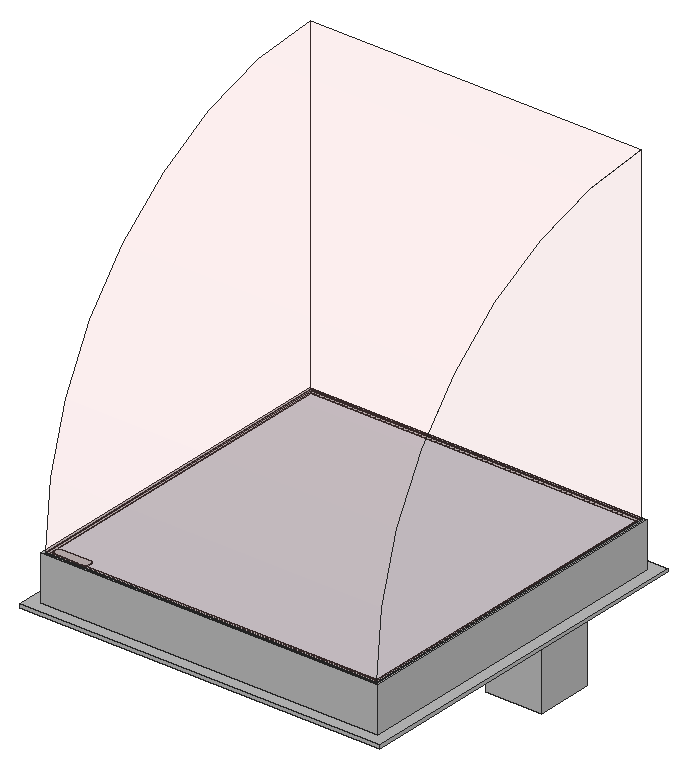
Revit family "Door_Access_Floor_Acudor_FT-8050-Tile", category Generic Models, host Face, Revit 2026
Family settings
  Host = Face
  Can host rebar = No
  Round Connector Dimension = Use Diameter
  Part Type = Normal
  Cut with Voids When Loaded = No
  Maintain Annotation Orientation = No
  Shared = No
  Room Calculation Point = No
Parameters
  halfswing = (Door Width / 2)  # 1' - 2 3/4"
  Warranty Duration (Years) = 0
  Unit Width = 2' - 0"
  Unit Weight = 0
  Unit Height = 2' - 0"
  Unit Depth = if(Unit Width < 4' 0", 0' 4 1/4", 0' 5")  # 0' - 4 1/4"
  URL = "http://www.acudor.com/"
  Test Data = ""
  Swing Clearance Visible [instance] = yes
  Standards Conformance = "as Specified"
  Specification = ""
  SpecWizard = ""
  SingleSwing [instance] = and(Single Leaf, Swing Clearance Visible)  # yes
  Single Leaf = Unit Width < 4' 0"  # yes
  Send Message = ""
  Sales Information = "http://www.acudor.com/contactus"
  Revision = "R1_2017-03"
  Product Properties = ""
  Product Data = "http://www.arcat.com/arcatcos/cos30/arc30126.html"
  Overall Width = 2' - 8"
  Overall Height = 2' - 8"
  Opening Width = Unit Width  # 2' - 0"
  Opening Height = Unit Height  # 2' - 0"
  Opening Depth [instance] = 1' - 0"
  Model = "As Specified"
  Manufacturer Website = "http://www.acudor.com/"
  Manufacturer Phone - Toll Free = "800-722-0501"
  Manufacturer Phone = "973-575-5120"
  Manufacturer Fax = "973-575-5160"
  Manufacturer Address = "80 Little Falls Rd.  Fairfield, NJ 07004"
  Manufacturer = "Acudor Products Inc"
  Maintenance Schedule (Months) = 0
  Keynote = ""
  Installation-Fabrication = ""
  Installation Phase = ""
  Green Building-LEED = "http://www.arcat.com/green/clients/leed_data_30126.html"
  Floor Material [instance] = none
  Fixture Finish [instance] = Metal - Acudor - Aluminum
  Expected Lifespan (Years) = 0
  Drawn By = "Sumex Design, Inc. / Robert S. Weygant, CSI, CDT, SCIP"
  DoubleSwing [instance] = and(Double Leaf, Swing Clearance Visible)  # no
  Double Leaf = not(Single Leaf)  # no
  Door Width = Overall Width - (0' 1 1/4" * 2)  # 2' - 5 1/2"
  Door Height = Overall Height - (0' 1 1/4" * 2)  # 2' - 5 1/2"
  Description = "Acudor Product as Specified"
  Default Elevation = 0' - 0"  # constant formula
  Copyright = "©Arcat Inc."
  Construction Details = ""
  Clearance Material [instance] = ARCAT Clearance
  Clear Opening Width = 1' - 8"
  Clear Opening Height = 2' - 0"
  Capacity = "as Specified"
  Available Options [instance] = "as Specified"
  Assembly Code = ""
Reference planes (in)
  plane 1 "Center (Front/Back)": y = 1.28343
  plane 2: z = 0
  plane 3 "Center (Left/Right)": x = 0
  plane 4: y = 13.28343
  plane 5: y = -10.71657
  plane 6: x = -12
  plane 7: x = 12
  plane 8: z = 0
  plane 9: y = 17.28343
  plane 10: y = -14.71657
  plane 11: x = -16
  plane 12: x = 16
  plane 13: z = -4.25
  plane 14: x = -12
  plane 15: x = 12
  plane 16: y = 13.28343
  plane 17: y = -10.71657
  plane 18: z = -12
  plane 19: y = -13.46657
  plane 20: y = 16.03343
  plane 21: x = -14.75
  plane 22: x = 14.75
Forms (in)
  Extrusion 1, void
    sketch origin (0, 0, 0) x (1, 0, 0) y (0, 1, 0)
      loop
        line (-12, 13.28343) -> (-12, -10.71657) -> (12, -10.71657) -> (12, 13.28343) -> (-12, 13.28343)
    from -12 to 0
  Sweep 2, solid, material "Metal - Acudor - Aluminum" <- "Fixture Finish"
    path origin (0, 0, 0) x (1, 0, 0) y (0, 1, 0)
      loop
        line (-16, 17.28343) -> (-16, -14.71657) -> (16, -14.71657) -> (16, 17.28343) -> (-16, 17.28343)
    profile origin (0, 17.28343, 0) x (0, 1, 0) y (0, 0, 1)
      loop
        line (-4, -1) -> (-4, -4.25) -> (0, -4.25) -> (0, -4) -> (-1, -4) -> (-1, 0) -> (-1.25, 0) -> (-1.25, -4) -> (-3.75, -4) -> (-3.75, -1) -> (-4, -1)
  Extrusion 3, solid, material "Metal - Acudor - Aluminum" <- "Fixture Finish", visible <- "Single Leaf"
    sketch origin (0, 0, 0) x (1, 0, 0) y (0, 1, 0)
      loop
        line (-14.75, 16.03343) -> (-14.75, -13.46657) -> (14.75, -13.46657) -> (14.75, 16.03343) -> (-14.75, 16.03343)
      loop
        line (14.5, 15.78343) -> (-14.5, 15.78343) -> (-14.5, -13.21657) -> (14.5, -13.21657) -> (14.5, 15.78343)
    from 0 to -0.25
  Extrusion 4, solid, material "Metal - Acudor - Aluminum" <- "Fixture Finish", visible <- "Single Leaf"
    sketch origin (0, 0, 0) x (1, 0, 0) y (0, 1, 0)
      loop
        line (-14.5, 15.78343) -> (-14.5, -13.21657) -> (14.5, -13.21657) -> (14.5, 15.78343) -> (-14.5, 15.78343)
    from -1 to -0.25
  Extrusion 5, solid, material "Metal - Acudor - Aluminum" <- "Fixture Finish", visible <- "Double Leaf"
    sketch origin (0, 0, 0) x (1, 0, 0) y (0, 1, 0)
      loop
        line (-14.75, 16.03343) -> (-14.75, -13.46657) -> (0, -13.46657) -> (0, 16.03343) -> (-14.75, 16.03343)
      loop
        line (-14.5, -13.21657) -> (-0.25, -13.21657) -> (-0.25, 15.78343) -> (-14.5, 15.78343) -> (-14.5, -13.21657)
    from 0 to -0.25
  Extrusion 6, solid, material "Metal - Acudor - Aluminum" <- "Fixture Finish", visible <- "Double Leaf"
    sketch origin (0, 0, 0) x (-1, 0, 0) y (0, -1, 0)
      loop
        line (-14.75, -16.03343) -> (0, -16.03343) -> (0, 13.46657) -> (-14.75, 13.46657) -> (-14.75, -16.03343)
      loop
        line (-14.5, 13.21657) -> (-14.5, -15.78343) -> (-0.25, -15.78343) -> (-0.25, 13.21657) -> (-14.5, 13.21657)
    from 0 to -0.25
  Extrusion 7, solid, material "Metal - Acudor - Aluminum" <- "Fixture Finish", visible <- "Double Leaf"
    sketch origin (0, 0, 0) x (1, 0, 0) y (0, 1, 0)
      loop
        line (-14.5, 15.78343) -> (-14.5, -13.21657) -> (0, -13.21657) -> (0, 15.78343) -> (-14.5, 15.78343)
    from -1 to -0.25
  Extrusion 8, solid, material "Metal - Acudor - Aluminum" <- "Fixture Finish", visible <- "Double Leaf"
    sketch origin (0, 0, 0) x (-1, 0, 0) y (0, -1, 0)
      loop
        line (-14.5, -15.78343) -> (0, -15.78343) -> (0, 13.21657) -> (-14.5, 13.21657) -> (-14.5, -15.78343)
    from -1 to -0.25
  Extrusion 9, solid, material "ARCAT Clearance" <- "Clearance Material", visible <- "DoubleSwing"
    sketch origin (0, 1.28343, 0) x (1, 0, 0) y (0, 0, 1)
      loop
        line (-14.75, 0) -> (0, 0)
        arc (0, 0) -> (-4.32017, 10.42983) -> (-14.75, 14.75) r 14.75
        line (-14.75, 14.75) -> (-14.75, 0)
    from -14.75 to 14.75
  Extrusion 10, solid, material "ARCAT Clearance" <- "Clearance Material", visible <- "DoubleSwing"
    sketch origin (0, 1.28343, 0) x (-1, 0, 0) y (0, 0, -1)
      loop
        arc (-14.75, -14.75) -> (-4.32017, -10.42983) -> (0, 0) r 14.75
        line (0, 0) -> (-14.75, 0) -> (-14.75, -14.75)
    from -14.75 to 14.75
  Sweep 11, void
    path origin (0, 0, 0) x (1, 0, 0) y (0, 1, 0)
      loop
        line (-16, 17.28343) -> (-16, -14.71657) -> (16, -14.71657) -> (16, 17.28343) -> (-16, 17.28343)
    profile origin (0, 17.28343, 0) x (0, 1, 0) y (0, 0, 1)
      loop
        line (0, -4.25) -> (0, -4) -> (-1, -4) -> (-1, 0) -> (-4, 0) -> (-4, -4.25) -> (0, -4.25)
  Extrusion 12, solid, material "Metal - Acudor - Aluminum" <- "Fixture Finish", visible <- "Single Leaf"
    sketch origin (0, 0, 0) x (1, 0, 0) y (0, 1, 0)
      loop
        arc (-14.11848, -12.45158) -> (-14.29526, -12.5248) -> (-14.36848, -12.70158) r 0.25
        line (-14.36848, -12.70158) -> (-14.36848, -12.96657)
        arc (-14.36848, -12.96657) -> (-14.29526, -13.14335) -> (-14.11848, -13.21657) r 0.25
        line (-14.11848, -13.21657) -> (-11.55598, -13.21657)
        arc (-11.55598, -13.21657) -> (-11.37921, -13.14335) -> (-11.30598, -12.96657) r 0.25
        line (-11.30598, -12.96657) -> (-11.30598, -12.70158)
        arc (-11.30598, -12.70158) -> (-11.37921, -12.5248) -> (-11.55598, -12.45158) r 0.25
        line (-11.55598, -12.45158) -> (-14.11848, -12.45158)
    from 0 to -0.25
  Extrusion 13, solid, material "Metal - Acudor - Aluminum" <- "Fixture Finish", visible <- "Single Leaf"
    sketch origin (0, 0, 0) x (1, 0, 0) y (0, 1, 0)
      loop
        line (-12, 13.28343) -> (-12, 8.28343) -> (-7, 8.28343) -> (-7, 13.28343) -> (-12, 13.28343)
      loop
        line (12, 13.28343) -> (7, 13.28343) -> (7, 8.28343) -> (12, 8.28343) -> (12, 13.28343)
    from -4.25 to -13
  Extrusion 14, solid, material "Metal - Acudor - Aluminum" <- "Fixture Finish", visible <- "Double Leaf"
    sketch origin (16.86525, 0.55839, 0) x (1, 0, 0) y (0, 1, 0)
      loop
        arc (-14.11848, -12.45158) -> (-14.29526, -12.5248) -> (-14.36848, -12.70158) r 0.25
        line (-14.36848, -12.70158) -> (-14.36848, -12.96657)
        arc (-14.36848, -12.96657) -> (-14.29526, -13.14335) -> (-14.11848, -13.21657) r 0.25
        line (-14.11848, -13.21657) -> (-11.55598, -13.21657)
        arc (-11.55598, -13.21657) -> (-11.37921, -13.14335) -> (-11.30598, -12.96657) r 0.25
        line (-11.30598, -12.96657) -> (-11.30598, -12.70158)
        arc (-11.30598, -12.70158) -> (-11.37921, -12.5248) -> (-11.55598, -12.45158) r 0.25
        line (-11.55598, -12.45158) -> (-14.11848, -12.45158)
    from 0 to -0.25
  Extrusion 15, solid, material <- "Floor Material", visible <- "Double Leaf"
    sketch origin (0, 0, 0) x (1, 0, 0) y (0, 1, 0)
      loop
        line (-14.5, 15.78343) -> (-14.5, -13.21657) -> (-0.25, -13.21657) -> (-0.25, 15.78343) -> (-14.5, 15.78343)
      loop
        line (0.25, -13.21657) -> (14.5, -13.21657) -> (14.5, 15.78343) -> (0.25, 15.78343) -> (0.25, -13.21657)
    from 0 to -0.25
  Extrusion 16, solid, material <- "Floor Material", visible <- "Single Leaf"
    sketch origin (0, 0, 0) x (1, 0, 0) y (0, 1, 0)
      loop
        line (-14.5, 15.78343) -> (-14.5, -13.21657) -> (14.5, -13.21657) -> (14.5, 15.78343) -> (-14.5, 15.78343)
    from 0 to -0.25
  Extrusion 17, solid, material "ARCAT Clearance" <- "Clearance Material", visible <- "SingleSwing"
    sketch origin (0, 0, 0) x (0, 1, 0) y (0, 0, 1)
      loop
        arc (16.03343, 29.5) -> (-4.82622, 20.85965) -> (-13.46657, 0) r 29.5
        line (-13.46657, 0) -> (16.03343, 0) -> (16.03343, 29.5)
    from -14.75 to 14.75
  Extrusion 18, solid, material "Metal - Acudor - Aluminum" <- "Fixture Finish", visible <- "Double Leaf"
    sketch origin (0, 0, 0) x (1, 0, 0) y (0, 1, 0)
      loop
        line (-12, 13.28343) -> (-12, 8.28343) -> (-7, 8.28343) -> (-7, 13.28343) -> (-12, 13.28343)
      loop
        line (-7, -5.71657) -> (-12, -5.71657) -> (-12, -10.71657) -> (-7, -10.71657) -> (-7, -5.71657)
      loop
        line (12, 13.28343) -> (7, 13.28343) -> (7, 8.28343) -> (12, 8.28343) -> (12, 13.28343)
      loop
        line (7, -5.71657) -> (7, -10.71657) -> (12, -10.71657) -> (12, -5.71657) -> (7, -5.71657)
    from -4.25 to -13
Lines and regions (in)
  model lines, style "GenericModelHiddenLines", visible <- "Single Leaf"
    curve 1: line (-14.75, -13.46657, 0) -> (0, 16.03343, 0)
    curve 2: line (0, 16.03343, 0) -> (14.75, -13.46657, 0)
  model lines, style "GenericModelHiddenLines", visible <- "DoubleSwing"
    curve 3: line (0, 16.03343, 0) -> (-14.75, 1.28343, 0)
    curve 4: line (-14.75, 1.28343, 0) -> (0, -13.46657, 0)
    curve 5: line (0, -13.46657, 0) -> (14.75, 1.28343, 0)
    curve 6: line (14.75, 1.28343, 0) -> (0, 16.03343, 0)
Dimensions and locks (in)
  locked: plane 8 to level
  equal spacing: plane 4, plane 1 "Center (Front/Back)", plane 5
  "Unit Height": plane 4 to plane 5
  equal spacing: plane 6, plane 3 "Center (Left/Right)", plane 7
  "Unit Width": plane 6 to plane 7
  equal spacing: plane 11, plane 3 "Center (Left/Right)", plane 12
  equal spacing: plane 9, plane 1 "Center (Front/Back)", plane 10
  "Overall Width": plane 11 to plane 12
  "Overall Height": plane 9 to plane 10
  "Unit Depth": plane 8 to plane 13
  equal spacing: plane 16, plane 1 "Center (Front/Back)", plane 17
  equal spacing: plane 14, plane 3 "Center (Left/Right)", plane 15
  "Opening Width": plane 14 to plane 15
  "Opening Height": plane 16 to plane 17
  "Opening Depth": level to plane 18
  locked: level to Sweep 11 sketch curve at 0
  Sweep 2 sketch curve to Sweep 2 sketch curve to plane 13 = 0' - 0" locked, 0' - 0 1/4" locked
  level to Sweep 2 sketch curve to Sweep 2 sketch curve = 0' - 0" locked, 0' - 1" locked
  locked: Sweep 11 sketch curve to plane 13 at 0.25
  locked: Extrusion 5 sketch curve to plane 10 at 1.25
  locked: plane 9 to Extrusion 5 sketch curve at 1.25
  locked: plane 11 to Extrusion 5 sketch curve at 1.25
  locked: Extrusion 3 sketch curve to plane 10 at 1.25
  locked: plane 9 to Extrusion 3 sketch curve at 1.25
  locked: plane 11 to Extrusion 3 sketch curve at 1.25
  locked: Extrusion 3 sketch curve to plane 12 at 1.25
  locked: plane 9 to Extrusion 6 sketch curve at 1.25
  locked: Extrusion 6 sketch curve to plane 12 at 1.25
  locked: Extrusion 6 sketch curve to plane 10 at 1.25
  locked: plane 14 to Extrusion 13 sketch curve at 5
  locked: plane 16 to Extrusion 13 sketch curve at 5  (x2)
  locked: Extrusion 13 sketch curve to plane 15 at 5
  plane 11 to Extrusion 12 sketch curve to Extrusion 12 sketch curve = 0' - 1.63152" locked, 0' - 3 1/16" locked
  Extrusion 12 sketch curve to Extrusion 12 sketch curve to plane 10 = 0' - 0.76499" locked, 0' - 1 1/2" locked
  locked: Extrusion 8 sketch curve to plane 10 at 1.5
  locked: plane 9 to Extrusion 8 sketch curve at 1.5
  locked: Extrusion 8 sketch curve to plane 12 at 1.5
  locked: plane 9 to Extrusion 4 sketch curve at 1.5
  locked: Extrusion 4 sketch curve to plane 10 at 1.5
  locked: plane 11 to Extrusion 4 sketch curve at 1.5
  locked: Extrusion 4 sketch curve to plane 12 at 1.5
  locked: plane 9 to Extrusion 7 sketch curve at 1.5
  locked: Extrusion 7 sketch curve to plane 10 at 1.5
  locked: plane 11 to Extrusion 7 sketch curve at 1.5
  locked: Extrusion 14 sketch curve to Extrusion 14 sketch curve at 3.0625
  locked: Extrusion 14 sketch curve to Extrusion 14 sketch curve at 0.76499
  locked: plane 3 "Center (Left/Right)" to Extrusion 14 sketch curve at 2.49677
  locked: Extrusion 14 sketch curve to plane 10 at 2.05839
  locked: plane 9 to Extrusion 15 sketch curve at 1.5  (x2)
  locked: plane 3 "Center (Left/Right)" to Extrusion 15 sketch curve at 0.25
  locked: Extrusion 15 sketch curve to plane 3 "Center (Left/Right)" at 0.25
  locked: Extrusion 15 sketch curve to plane 10 at 1.5  (x2)
  locked: plane 11 to Extrusion 15 sketch curve at 1.5
  locked: Extrusion 15 sketch curve to plane 12 at 1.5
  locked: plane 11 to Extrusion 16 sketch curve at 1.5
  locked: Extrusion 16 sketch curve to plane 12 at 1.5
  locked: plane 9 to Extrusion 16 sketch curve at 1.5
  locked: Extrusion 16 sketch curve to plane 10 at 1.5
  locked: Extrusion 9 sketch curve to plane 11 at 1.25
  locked: level to Extrusion 9 sketch curve at 0
  locked: plane 12 to Extrusion 10 sketch curve at 1.25
  locked: level to Extrusion 10 sketch curve at 0
  locked: plane 19 to plane 10 at 1.25
  locked: plane 9 to plane 20 at 1.25
  locked: plane 11 to plane 21 at 1.25
  locked: plane 22 to plane 12 at 1.25
  locked: Extrusion 17 sketch curve to plane 9 at 1.25
  locked: level to Extrusion 17 sketch curve at 0
  locked: Extrusion 18 sketch curve to plane 17 at 5  (x2)
  locked: plane 14 to Extrusion 18 sketch curve at 5  (x2)
  locked: plane 16 to Extrusion 18 sketch curve at 5  (x2)
  locked: Extrusion 18 sketch curve to plane 15 at 5  (x2)
  "halfswing": radius of Extrusion 9 sketch curve
  "halfswing": radius of Extrusion 10 sketch curve
  "Door Height": radius of Extrusion 17 sketch curve
  aligned and locked: host face to plane 2
  aligned and locked: host face to level
  aligned and locked: Extrusion 1 sketch curve to plane 16
  aligned and locked: plane 14 to Extrusion 1 sketch curve
  aligned and locked: plane 17 to Extrusion 1 sketch curve
  aligned and locked: Extrusion 1 sketch curve to plane 15
  aligned and locked: Extrusion 1 to plane 18
  aligned and locked: plane 8 to Extrusion 1
  aligned and locked: Sweep 2 sketch curve to plane 9
  aligned and locked: plane 11 to Sweep 2 sketch curve
  aligned and locked: plane 10 to Sweep 2 sketch curve
  aligned and locked: Sweep 2 sketch curve to plane 12
  aligned and locked: Extrusion 6 sketch curve to plane 3 "Center (Left/Right)"
  aligned and locked: Extrusion 5 sketch curve to plane 3 "Center (Left/Right)"
  aligned and locked: Extrusion 7 sketch curve to plane 3 "Center (Left/Right)"
  aligned and locked: Extrusion 8 sketch curve to plane 3 "Center (Left/Right)"
  aligned and locked: plane 10 to Sweep 11 sketch curve
  aligned and locked: Sweep 11 sketch curve to plane 12
  aligned and locked: Extrusion 13 sketch curve to plane 14
  aligned and locked: Extrusion 13 sketch curve to plane 16
  aligned and locked: Extrusion 13 sketch curve to plane 15
  aligned and locked: plane 16 to Extrusion 13 sketch curve
  aligned and locked: Extrusion 10 to plane 20
  aligned and locked: plane 19 to Extrusion 10
  aligned and locked: plane 19 to Extrusion 9
  aligned and locked: Extrusion 9 to plane 20
  aligned and locked: plane 1 "Center (Front/Back)" to curve 6
  aligned and locked: plane 22 to curve 5
  aligned and locked: plane 21 to curve 4
  aligned and locked: plane 1 "Center (Front/Back)" to curve 4
  aligned and locked: plane 3 "Center (Left/Right)" to curve 4
  aligned and locked: plane 19 to curve 5
  aligned and locked: plane 20 to curve 6
  aligned and locked: plane 3 "Center (Left/Right)" to curve 3
  aligned and locked: plane 3 "Center (Left/Right)" to curve 1
  aligned and locked: plane 20 to curve 2
  aligned and locked: Extrusion 17 to plane 22
  aligned and locked: plane 21 to Extrusion 17
  aligned and locked: Extrusion 18 sketch curve to plane 17
  aligned and locked: Extrusion 18 sketch curve to plane 15  (x2)
  aligned and locked: Extrusion 18 sketch curve to plane 14  (x2)
  aligned and locked: plane 17 to Extrusion 18 sketch curve
  aligned and locked: Extrusion 18 sketch curve to plane 16
  aligned and locked: plane 16 to Extrusion 18 sketch curve
  aligned and locked: plane 13 to Extrusion 18
  aligned and locked: plane 13 to Extrusion 13
Automatic sketch dimensions
  host sketch curve to host sketch curve = 12' - 11.75605"
  host sketch curve to host sketch curve = 12' - 7.74281"
  Sweep 2 sketch curve to profile plane = 0' - 0"
  profile plane to Sweep 2 sketch curve = 0' - 1"
  Sweep 2 sketch curve to Sweep 2 sketch curve = 0' - 0 1/4"  (x3)
  Sweep 2 sketch curve to Sweep 2 sketch curve = 0' - 2 1/2"
  Extrusion 3 sketch curve to plane 21 = 0' - 0 1/4"
  plane 22 to Extrusion 3 sketch curve = 0' - 0 1/4"
  Extrusion 3 sketch curve to plane 19 = 0' - 0 1/4"
  plane 20 to Extrusion 3 sketch curve = 0' - 0 1/4"
  Extrusion 5 sketch curve to plane 21 = 0' - 0 1/4"
  Extrusion 5 sketch curve to plane 3 "Center (Left/Right)" = 0' - 0 1/4"
  Extrusion 5 sketch curve to plane 19 = 0' - 0 1/4"
  plane 20 to Extrusion 5 sketch curve = 0' - 0 1/4"
  Extrusion 6 sketch curve to plane 22 = 0' - 0 1/4"
  Extrusion 6 sketch curve to plane 3 "Center (Left/Right)" = 0' - 0 1/4"
  plane 19 to Extrusion 6 sketch curve = 0' - 0 1/4"
  Extrusion 6 sketch curve to plane 20 = 0' - 0 1/4"
  curve 1 to Extrusion 3 = 0' - 0"  (x2)
  Extrusion 3 to curve 2 = 0' - 0"
  curve 2 to Extrusion 3 = 0' - 0"
  plane 21 to Extrusion 9 sketch curve = 0' - 0"
  plane 22 to Extrusion 10 sketch curve = 0' - 0"
  Sweep 11 sketch curve to plane 11 = 0' - 0"
  Sweep 11 sketch curve to plane 9 = 0' - 0"
  Sweep 11 sketch curve to profile plane = 0' - 0"
  profile plane to Sweep 11 sketch curve = 0' - 1"
  Sweep 11 sketch curve to Sweep 11 sketch curve = 0' - 3"
  Sweep 11 sketch curve to Sweep 11 sketch curve = 0' - 0 1/4"
  Extrusion 12 sketch curve to Extrusion 12 sketch curve = 0' - 0 1/4"  (x4)
  Extrusion 14 sketch curve to Extrusion 14 sketch curve = 0' - 0 1/4"  (x4)
  Extrusion 17 sketch curve to plane 20 = 0' - 0"
